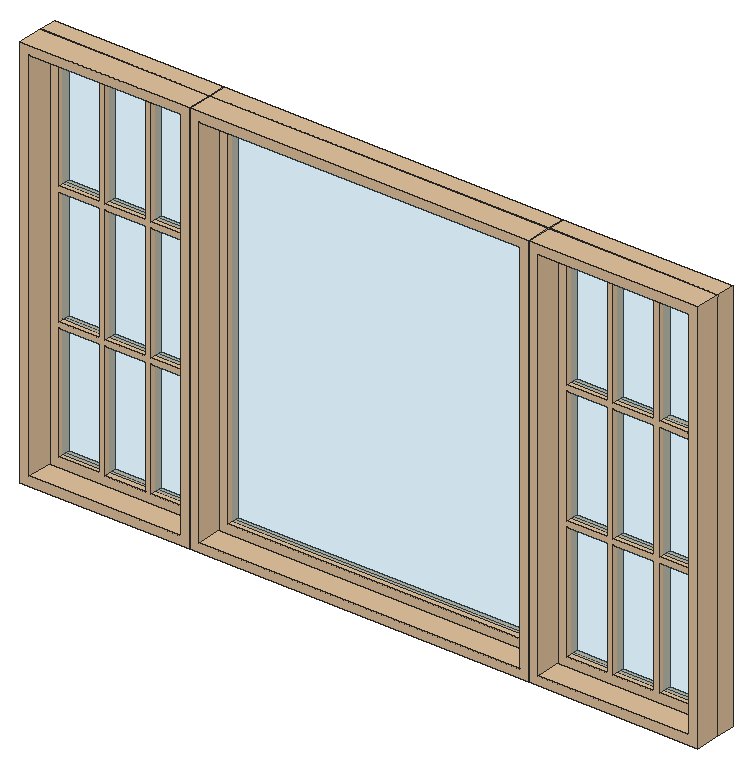
Revit family "Existing Living Room Front Window_Complete", category Windows, host Wall, Revit 2016
Family settings
  Host = Wall
  Always vertical = Yes
  Cut with Voids When Loaded = No
  Shared = No
  Room Calculation Point = No
Parameters (values of type "(2) 0600 x 1400mm CS + 1200 x 1400mm FX")
  Window Inset = 0' - 0 181/256"
  Side Window Width = 1' - 11 159/256"
  Side Window Type = Casement 3x3 : Standard
  Side Window Location = Middle Window Width / 2  # 1' - 11 159/256"
  Sash Material = Sash
  Rough Width = 0' - 0"
  Rough Height = 0' - 0"
  Middle Window Width = 3' - 11 31/128"
  Height = 4' - 7 15/128"
  Glass Pane Material = Glass
  Default Sill Height = 3' - 0"
  Wall Closure = By host
  Width = (Side Window Width * 2) + Middle Window Width  # 7' - 10 31/64"
  Analytic Construction = "<None>"
Types (4): name | Window Inset | Side Window Width | Side Window Type | Side Window Location | Middle Window Width | Height | Width
  (2) 2'-0" x 4'-8" DH + 4'-0" x 4'-8" FX | 0' - 0 3/4" | 2' - 0" | Double Hung : Standard | 2' - 0" | 4' - 0" | 4' - 8" | 8' - 0"
  (2) 0600 x 1400mm DH + 1200 x 1400mm FX | 0' - 0 181/256" | 1' - 11 159/256" | Double Hung : Standard | 1' - 11 159/256" | 3' - 11 31/128" | 4' - 7 15/128" | 7' - 10 31/64"
  (2) 2'-0" x 4'-8" CS + 4'-0" x 4'-8" FX | 0' - 0 3/4" | 2' - 0" | Casement 3x3 : Standard | 2' - 0" | 4' - 0" | 4' - 8" | 8' - 0"
  (2) 0600 x 1400mm CS + 1200 x 1400mm FX | 0' - 0 181/256" | 1' - 11 159/256" | Casement 3x3 : Standard | 1' - 11 159/256" | 3' - 11 31/128" | 4' - 7 15/128" | 7' - 10 31/64"
Reference planes (in)
  plane 1 "Center (Front/Back)": y = 0
  plane 2: z = 0
  plane 3 "Center (Left/Right)": x = 0
  plane 4 "Left": x = -47.24219
  plane 5 "Right": x = 47.24219
  plane 6 "Sill": z = 36
  plane 7 "Top": z = 91.11719
Text (in)
  text "EXTERIOR" at (-58.6888, 50.90694, 0), in view "Ref. Level"
  text "INTERIOR" at (-58.6888, -37.76638, 0), in view "Ref. Level"
  text "Exterior" at (0, 43.65631, 123.19604), in view "Left"
  text "Exterior" at (0, 18.29385, 125.04747), in view "Right"
Dimensions and locks (in)
  plane 3 "Center (Left/Right)" to nested 2 = 3' - 11 31/128"
  "Height": plane 6 "Sill" to plane 7 "Top"
  "Default Sill Height": plane 2 to plane 6 "Sill"
  equal spacing: plane 4 "Left", plane 3 "Center (Left/Right)", plane 5 "Right"
  "Width": plane 4 "Left" to plane 5 "Right"
  equal spacing: plane 4 "Left", nested 1, plane 5 "Right"
  "Side Window Location": plane 3 "Center (Left/Right)" to nested 2
  "Side Window Location": nested 3 to plane 3 "Center (Left/Right)"
Nested families (in)
  nested 1: "Fixed" at (1.5, 0, 0), type "Standard"
    with Height 4' - 7 15/128", Width 3' - 11 31/128", Window Inset 0' - 0 181/256"
  nested 2: "Casement 3x3" at (35.43164, 0, 0), type <- "Side Window Type", type "Standard"
    with Height 4' - 7 15/128", Width 1' - 11 159/256", Window Inset 0' - 0 181/256"
  nested 3: "Casement 3x3" at (-35.43164, 0, 0) x (-1, 0, 0) z (0, 0, 1), type <- "Side Window Type", type "Standard"
    with Height 4' - 7 15/128", Width 1' - 11 159/256", Window Inset 0' - 0 181/256"
Definition of nested family "Fixed"
  Parameters
    Assembly Code = "B2020100"
    Glass Pane Material = none
    Height = 4' - 0"
    Sash Material = none
    Default Sill Height = 3' - 0"
    Wall Closure = (empty or 0)
    Width = 2' - 0"
    Window Inset = 0' - 0 3/4"
  Reference planes (in)
    plane 1: y = 0
    plane 2: z = 0
    plane 3 "Center": x = -1.5
    plane 4 "Left": x = -13.5
    plane 5 "Right": x = 10.5
    plane 6 "Sill": z = 36
    plane 7 "Top": z = 84
    plane 8: y = 4
    plane 9: y = -4
    plane 10: y = 3.25
    plane 11: x = -12.75
    plane 12: x = -12.25
    plane 13: x = 9.75
    plane 14: x = 9.25
    plane 15: z = 83.25
    plane 16: z = 82.75
    plane 17: z = 37.25
    plane 18 "Closure": y = 2.125
  Forms (in)
    Extrusion 1, solid, material <- "Sash Material"
      sketch origin (0, 0, 0) x (1, 0, 0) y (0, 0, 1)
        loop
          line (-13.5, 84) -> (-13.5, 36) -> (10.5, 36) -> (10.5, 84) -> (-13.5, 84)
        loop
          line (-12.75, 83.25) -> (-12.75, 36.75) -> (9.75, 36.75) -> (9.75, 83.25) -> (-12.75, 83.25)
      from -4 to -1.5
    Extrusion 2, solid, material <- "Sash Material"
      sketch origin (0, 0, 0) x (-1, 0, 0) y (0, 0, 1)
        loop
          line (-10.5, 84) -> (-10.5, 36) -> (13.5, 36) -> (13.5, 84) -> (-10.5, 84)
        loop
          line (-9.25, 82.75) -> (-9.25, 37.25) -> (12.25, 37.25) -> (12.25, 82.75) -> (-9.25, 82.75)
      from 1.5 to -4
    Extrusion 3, solid, material <- "Sash Material"
      sketch origin (0, 0, 0) x (-1, 0, 0) y (0, 0, 1)
        loop
          line (-9.75, 83.25) -> (-9.75, 36.75) -> (12.75, 36.75) -> (12.75, 83.25) -> (-9.75, 83.25)
        loop
          line (-8, 81.5) -> (-8, 38.5) -> (11, 38.5) -> (11, 81.5) -> (-8, 81.5)
      from 1.5 to 3.25
    Extrusion 4, solid, material <- "Glass Pane Material"
      sketch origin (-4.9201, 0, -4.60771) x (1, 0, 0) y (0, 0, 1)
        loop
          line (-6.0799, 86.10771) -> (-6.0799, 43.10771) -> (12.9201, 43.10771) -> (12.9201, 86.10771) -> (-6.0799, 86.10771)
      from -2.625 to -2.125
  Lines and regions (in)
    Opening 1
      outline origin (-60, -4, 0) x (1, 0, 0) y (0, 0, 1)
        loop
          line (46.5, 84) -> (46.5, 36) -> (70.5, 36) -> (70.5, 84) -> (46.5, 84)
    symbolic lines
      curve 1: line (-13.5, 4, 0) -> (-12.75, 4, 0)
      curve 2: line (-12.75, 1.5, 0) -> (-12.75, 4, 0)
      curve 3: line (-12.75, 1.5, 0) -> (-12.25, 1.5, 0)
      curve 4: line (-12.25, -4, 0) -> (-12.25, 1.5, 0)
      curve 5: line (10.5, 4, 0) -> (9.75, 4, 0)
      curve 6: line (9.25, 1.5, 0) -> (9.25, -4, 0)
      curve 7: line (9.25, 1.5, 0) -> (9.75, 1.5, 0)
      curve 8: line (9.75, 1.5, 0) -> (9.75, 4, 0)
      curve 9: line (-12.75, 3.25, 0) -> (-11, 3.25, 0)
      curve 10: line (-12.75, 3.25, 0) -> (-12.75, 1.5, 0)
      curve 11: line (-12.75, 1.5, 0) -> (-11, 1.5, 0)
      curve 12: line (-11, 3.25, 0) -> (-11, 1.5, 0)
      curve 13: line (9.75, 3.25, 0) -> (8, 3.25, 0)
      curve 14: line (9.75, 3.25, 0) -> (9.75, 1.5, 0)
      curve 15: line (9.75, 1.5, 0) -> (8, 1.5, 0)
      curve 16: line (8, 3.25, 0) -> (8, 1.5, 0)
      curve 17: line (-11, 2.375, 0) -> (8, 2.375, 0)
      curve 18: line (-12.25, -4, 0) -> (-13.5, -4, 0)
      curve 19: line (9.25, -4, 0) -> (10.5, -4, 0)
  Text (in)
    text "EXTERIOR" at (-56.58296, 53.32073, 0), in view "Floor Line"
    text "INTERIOR" at (-58.6888, -42.14638, 0), in view "Floor Line"
    text "Exterior" at (0, 43.65631, 134.44969), in view "Left"
    text "Exterior" at (0, 18.29385, 125.04747), in view "Right"
  Dimensions and locks (in)
    equal spacing: plane 4 "Left", plane 3 "Center", plane 5 "Right"
    "Width": plane 4 "Left" to plane 5 "Right"
    plane 2 to plane 6 "Sill" to plane 16 to plane 7 "Top" = 3' - 0", 3' - 10 3/4", 0' - 1 1/4"
    "Window Inset": plane 8 to plane 10
    locked: plane 10 to Extrusion 3 at 1.75
    locked: plane 10 to Extrusion 4 at 0.625
    locked: Extrusion 4 to Extrusion 4 at 0.5
    locked: plane 4 "Left" to plane 11 at 0.75
    locked: plane 13 to plane 5 "Right" at 0.75
    locked: plane 14 to plane 5 "Right" at 1.25
    locked: plane 4 "Left" to plane 12 at 1.25
    locked: plane 15 to plane 7 "Top" at 0.75
    locked: plane 7 "Top" to plane 16 at 1.25
    locked: plane 17 to plane 6 "Sill" at 1.25
    "Height": plane 7 "Top" to plane 6 "Sill"
    "Default Sill Height": plane 6 "Sill" to plane 2
    locked: plane 10 to plane 18 "Closure" at 1.125
    aligned and locked: plane 7 "Top" to Opening 1 sketch curve
    aligned and locked: plane 6 "Sill" to Opening 1 sketch curve  (x2)
    aligned and locked: plane 5 "Right" to Opening 1 sketch curve
    aligned and locked: plane 4 "Left" to Opening 1 sketch curve
    aligned and locked: plane 9 to host wall
    aligned and locked: host wall to Extrusion 2
    aligned and locked: plane 10 to Extrusion 3
    aligned and locked: plane 8 to host wall
    aligned and locked: host wall to Extrusion 1
    aligned and locked: Extrusion 2 to Extrusion 1
    aligned and locked: Extrusion 1 to Extrusion 3
    aligned and locked: Extrusion 4 sketch curve to Extrusion 3  (x4)
    aligned and locked: curve 5 to Extrusion 1  (x2)
    aligned and locked: curve 6 to Extrusion 2
    aligned and locked: curve 4 to Extrusion 2
    aligned and locked: curve 16 to Extrusion 3
    aligned and locked: Extrusion 1 to curve 11
    aligned and locked: Extrusion 1 to curve 7
  Automatic sketch dimensions
    Extrusion 1 sketch curve to plane 4 "Left" = 0' - 0"
    Extrusion 1 sketch curve to plane 5 "Right" = 0' - 0"
    Extrusion 1 sketch curve to plane 4 "Left" = 0' - 0 3/4"
    plane 5 "Right" to Extrusion 1 sketch curve = 0' - 0 3/4"
    Extrusion 1 sketch curve to plane 6 "Sill" = 0' - 0"
    Extrusion 1 sketch curve to plane 7 "Top" = 0' - 0"
    Extrusion 1 sketch curve to plane 6 "Sill" = 0' - 0 3/4"
    plane 7 "Top" to Extrusion 1 sketch curve = 0' - 0 3/4"
    Extrusion 2 sketch curve to plane 5 "Right" = 0' - 0"
    Extrusion 2 sketch curve to plane 4 "Left" = 0' - 0"
    plane 5 "Right" to Extrusion 2 sketch curve = 0' - 1 1/4"
    Extrusion 2 sketch curve to plane 4 "Left" = 0' - 1 1/4"
    Extrusion 2 sketch curve to plane 6 "Sill" = 0' - 0"
    Extrusion 2 sketch curve to plane 7 "Top" = 0' - 0"
    Extrusion 2 sketch curve to plane 6 "Sill" = 0' - 1 1/4"
    plane 7 "Top" to Extrusion 2 sketch curve = 0' - 1 1/4"
    plane 5 "Right" to Extrusion 3 sketch curve = 0' - 0 3/4"
    plane 5 "Right" to Extrusion 3 sketch curve = 0' - 2 1/2"
    Extrusion 3 sketch curve to plane 4 "Left" = 0' - 2 1/2"
    Extrusion 3 sketch curve to plane 4 "Left" = 0' - 0 3/4"
    Extrusion 3 sketch curve to plane 6 "Sill" = 0' - 0 3/4"
    Extrusion 3 sketch curve to plane 6 "Sill" = 0' - 2 1/2"
    plane 7 "Top" to Extrusion 3 sketch curve = 0' - 2 1/2"
    plane 7 "Top" to Extrusion 3 sketch curve = 0' - 0 3/4"
    curve 18 to plane 4 "Left" = 0' - 0"
    curve 1 to plane 4 "Left" = 0' - 0"
    curve 2 to plane 8 = 0' - 0"
    curve 10 to plane 10 = 0' - 0"
    curve 13 to plane 10 = 0' - 0"
    curve 19 to plane 5 "Right" = 0' - 0"
    curve 1 to curve 2 = 0' - 0 3/4"
    curve 9 to curve 12 = 0' - 1 3/4"
    plane 5 "Right" to curve 13 = 0' - 0 3/4"
    curve 19 to plane 9 = 0' - 0"
    curve 4 to plane 9 = 0' - 0"
    curve 11 to curve 17 = 0' - 0 7/8"
Definition of nested family "Casement 3x3"
  Parameters (values of type "Standard")
    Visual Light Transmittance = 0.9
    Solar Heat Gain Coefficient = 0.78
    Construction Type Id = "GSP4R"
    Heat Transfer Coefficient (U) = 3.6886 W/(m²·K)
    Assembly Code = "B2020100"
    Glass Pane Material = none
    Height = 4' - 8"
    Sash Material = none
    Default Sill Height = 3' - 0"
    Trim Exterior Material = none
    Trim Interior Material = none
    Wall Closure = (empty or 0)
    Width = 2' - 0"
    Window Inset = 0' - 0 3/4"
    Analytic Construction = "1/8 in Pilkington single glazing"
  Reference planes (in)
    plane 1: y = 0
    plane 2: z = 0
    plane 3 "Center": x = 0
    plane 4 "Left": x = -12
    plane 5 "Right": x = 12
    plane 6 "Sill": z = 36
    plane 7 "Top": z = 92
    plane 8: y = 3
    plane 9: y = -3
    plane 10: y = 2.25
    plane 11 "Top": z = 64
    plane 12: x = -9.5
    plane 13: x = 9.5
    plane 14: x = -3.29167
    plane 15: x = 3.29167
    plane 16: z = 89.5
    plane 17: z = 38.5
    plane 18: z = 72.625
    plane 19: z = 55.375
    plane 20: x = -10.75
    plane 21: x = -11.25
    plane 22: x = 10.75
    plane 23: x = 11.25
    plane 24: z = 94.75
    plane 25: z = 90.75
    plane 26: z = 91.25
    plane 27: z = 94.25
    plane 28: z = 37.25
    plane 29: z = 33.75
    plane 30: x = 9.875
    plane 31: x = -9.875
    plane 32: z = 89.875
    plane 33: z = 38.125
    plane 34 "Closure": y = 1.125
  Forms (in)
    Extrusion 1, solid, material <- "Sash Material"
      sketch origin (0, 0, 0) x (1, 0, 0) y (0, 0, 1)
        loop
          line (-12, 92) -> (-12, 36) -> (12, 36) -> (12, 92) -> (-12, 92)
        loop
          line (-11.25, 91.25) -> (-11.25, 36.75) -> (11.25, 36.75) -> (11.25, 91.25) -> (-11.25, 91.25)
      from -3 to -0.5
    Extrusion 2, solid, material <- "Sash Material"
      sketch origin (0, 0, 0) x (-1, 0, 0) y (0, 0, 1)
        loop
          line (-12, 92) -> (-12, 36) -> (12, 36) -> (12, 92) -> (-12, 92)
        loop
          line (-10.75, 90.75) -> (-10.75, 37.25) -> (10.75, 37.25) -> (10.75, 90.75) -> (-10.75, 90.75)
      from 0.5 to -3
    Extrusion 3, solid, material <- "Sash Material"
      sketch origin (0, 0, 0) x (-1, 0, 0) y (0, 0, 1)
        loop
          line (-11.25, 91.25) -> (-11.25, 36.75) -> (11.25, 36.75) -> (11.25, 91.25) -> (-11.25, 91.25)
        loop
          line (9.5, 89.5) -> (3.66667, 89.5) -> (3.66667, 73) -> (9.5, 73) -> (9.5, 89.5)
        loop
          line (9.5, 72.25) -> (3.66667, 72.25) -> (3.66667, 55.75) -> (9.5, 55.75) -> (9.5, 72.25)
        loop
          line (9.5, 55) -> (3.66667, 55) -> (3.66667, 38.5) -> (9.5, 38.5) -> (9.5, 55)
        loop
          line (2.91667, 89.5) -> (-2.91667, 89.5) -> (-2.91667, 73) -> (2.91667, 73) -> (2.91667, 89.5)
        loop
          line (2.91667, 72.25) -> (-2.91667, 72.25) -> (-2.91667, 55.75) -> (2.91667, 55.75) -> (2.91667, 72.25)
        loop
          line (2.91667, 55) -> (-2.91667, 55) -> (-2.91667, 38.5) -> (2.91667, 38.5) -> (2.91667, 55)
        loop
          line (-3.66667, 89.5) -> (-9.5, 89.5) -> (-9.5, 73) -> (-3.66667, 73) -> (-3.66667, 89.5)
        loop
          line (-3.66667, 72.25) -> (-9.5, 72.25) -> (-9.5, 55.75) -> (-3.66667, 55.75) -> (-3.66667, 72.25)
        loop
          line (-3.66667, 55) -> (-9.5, 55) -> (-9.5, 38.5) -> (-3.66667, 38.5) -> (-3.66667, 55)
      from 0.5 to 2.25
    Extrusion 4, solid, material <- "Glass Pane Material"
      sketch origin (0, 0, 0) x (-1, 0, 0) y (0, 0, 1)
        loop
          line (-9.5, 89.5) -> (-9.5, 73) -> (-3.66667, 73) -> (-3.66667, 89.5) -> (-9.5, 89.5)
        loop
          line (-2.91667, 89.5) -> (-2.91667, 73) -> (2.91667, 73) -> (2.91667, 89.5) -> (-2.91667, 89.5)
        loop
          line (3.66667, 89.5) -> (3.66667, 73) -> (9.5, 73) -> (9.5, 89.5) -> (3.66667, 89.5)
        loop
          line (3.66667, 72.25) -> (3.66667, 55.75) -> (9.5, 55.75) -> (9.5, 72.25) -> (3.66667, 72.25)
        loop
          line (-2.91667, 72.25) -> (-2.91667, 55.75) -> (2.91667, 55.75) -> (2.91667, 72.25) -> (-2.91667, 72.25)
        loop
          line (-9.5, 72.25) -> (-9.5, 55.75) -> (-3.66667, 55.75) -> (-3.66667, 72.25) -> (-9.5, 72.25)
        loop
          line (-9.5, 55) -> (-9.5, 38.5) -> (-3.66667, 38.5) -> (-3.66667, 55) -> (-9.5, 55)
        loop
          line (-2.91667, 55) -> (-2.91667, 38.5) -> (2.91667, 38.5) -> (2.91667, 55) -> (-2.91667, 55)
        loop
          line (3.66667, 55) -> (3.66667, 38.5) -> (9.5, 38.5) -> (9.5, 55) -> (3.66667, 55)
      from 1.125 to 1.625
  Lines and regions (in)
    Opening 1
      outline origin (-60, -3, 0) x (1, 0, 0) y (0, 0, 1)
        loop
          line (48, 92) -> (48, 36) -> (72, 36) -> (72, 92) -> (48, 92)
    symbolic lines
      curve 1: line (-12, 3, 0) -> (-11.25, 3, 0)
      curve 2: line (-11.25, 0.5, 0) -> (-11.25, 3, 0)
      curve 3: line (-11.25, 0.5, 0) -> (-10.75, 0.5, 0)
      curve 4: line (-10.75, -3, 0) -> (-10.75, 0.5, 0)
      curve 5: line (12, 3, 0) -> (11.25, 3, 0)
      curve 6: line (10.75, 0.5, 0) -> (10.75, -3, 0)
      curve 7: line (10.75, 0.5, 0) -> (11.25, 0.5, 0)
      curve 8: line (11.25, 0.5, 0) -> (11.25, 3, 0)
      curve 9: line (-11.25, 2.25, 0) -> (-9.5, 2.25, 0)
      curve 10: line (-11.25, 2.25, 0) -> (-11.25, 0.5, 0)
      curve 11: line (-11.25, 0.5, 0) -> (-9.5, 0.5, 0)
      curve 12: line (-9.5, 2.25, 0) -> (-9.5, 0.5, 0)
      curve 13: line (11.25, 2.25, 0) -> (9.5, 2.25, 0)
      curve 14: line (11.25, 2.25, 0) -> (11.25, 0.5, 0)
      curve 15: line (11.25, 0.5, 0) -> (9.5, 0.5, 0)
      curve 16: line (9.5, 2.25, 0) -> (9.5, 0.5, 0)
      curve 17: line (-9.5, 1.375, 0) -> (9.5, 1.375, 0)
      curve 18: line (9.5, 2.25, 64) -> (-9.5, 2.25, 89.5)
      curve 19: line (9.5, 2.25, 64) -> (-9.5, 2.25, 38.5)
      curve 20: line (-9.5, 0.5, 38.5) -> (9.5, 0.5, 64)
      curve 21: line (9.5, 0.5, 64) -> (-9.5, 0.5, 89.5)
      curve 22: line (-10.75, -3, 0) -> (-12, -3, 0)
      curve 23: line (10.75, -3, 0) -> (12, -3, 0)
  Text (in)
    text "EXTERIOR" at (-56.58296, 30.41546, 0), in view "Floor Line"
    text "INTERIOR" at (-58.6888, -24.24049, 0), in view "Floor Line"
    text "Exterior" at (0, 43.65631, 134.44969), in view "Left"
    text "Exterior" at (0, 18.29385, 125.04747), in view "Right"
  Dimensions and locks (in)
    equal spacing: plane 4 "Left", plane 3 "Center", plane 5 "Right"
    "Width": plane 4 "Left" to plane 5 "Right"
    plane 2 to plane 29 to plane 6 "Sill" to plane 26 to plane 7 "Top" = 2' - 9 3/4", 0' - 2 1/4", 4' - 7 1/4", 0' - 0 3/4"
    "Window Inset": plane 8 to plane 10
    locked: plane 10 to Extrusion 3 at 1.75
    equal spacing: plane 6 "Sill", plane 11 "Top", plane 7 "Top"
    locked: plane 4 "Left" to plane 12 at 2.5
    locked: plane 13 to plane 5 "Right" at 2.5
    locked: plane 6 "Sill" to plane 17 at 2.5
    locked: plane 16 to plane 7 "Top" at 2.5
    locked: Extrusion 3 to Extrusion 4 at 0.625
    locked: Extrusion 4 to Extrusion 4 at 0.5
    locked: plane 4 "Left" to plane 21 at 0.75
    locked: plane 23 to plane 5 "Right" at 0.75
    locked: plane 4 "Left" to plane 20 at 1.25
    locked: plane 22 to plane 5 "Right" at 1.25
    locked: plane 26 to plane 7 "Top" at 0.75
    locked: plane 26 to plane 24 at 3.5
    locked: plane 7 "Top" to plane 25 at 1.25
    locked: plane 27 to plane 25 at 3.5
    locked: plane 28 to plane 29 at 3.5
    locked: plane 28 to plane 6 "Sill" at 1.25
    locked: plane 13 to plane 30 at 0.375
    locked: plane 31 to plane 12 at 0.375
    equal spacing: plane 31, plane 14, plane 15, plane 30
    locked: plane 16 to plane 32 at 0.375
    locked: plane 33 to plane 17 at 0.375
    equal spacing: plane 33, plane 19, plane 18, plane 32
    "Height": plane 7 "Top" to plane 6 "Sill"
    "Default Sill Height": plane 6 "Sill" to plane 2
    locked: plane 34 "Closure" to plane 10 at 1.125
    aligned and locked: plane 7 "Top" to Opening 1 sketch curve
    aligned and locked: plane 6 "Sill" to Opening 1 sketch curve  (x2)
    aligned and locked: plane 5 "Right" to Opening 1 sketch curve
    aligned and locked: plane 4 "Left" to Opening 1 sketch curve
    aligned and locked: plane 9 to host wall
    aligned and locked: host wall to Extrusion 2
    aligned and locked: plane 10 to Extrusion 3
    aligned and locked: plane 8 to host wall
    aligned and locked: host wall to Extrusion 1
    aligned and locked: Extrusion 2 to Extrusion 1
    aligned and locked: Extrusion 1 to Extrusion 3
    aligned and locked: curve 5 to Extrusion 1  (x2)
    aligned and locked: curve 6 to Extrusion 2
    aligned and locked: curve 4 to Extrusion 2
    aligned and locked: Extrusion 1 to curve 11
    aligned and locked: Extrusion 1 to curve 7
    aligned and locked: curve 16 to Extrusion 3
    aligned and locked: Extrusion 4 sketch curve to Extrusion 3  (x24)
  Automatic sketch dimensions
    Extrusion 1 sketch curve to plane 4 "Left" = 0' - 0"
    Extrusion 1 sketch curve to plane 5 "Right" = 0' - 0"
    Extrusion 1 sketch curve to plane 4 "Left" = 0' - 0 3/4"
    plane 5 "Right" to Extrusion 1 sketch curve = 0' - 0 3/4"
    Extrusion 1 sketch curve to plane 6 "Sill" = 0' - 0"
    Extrusion 1 sketch curve to plane 7 "Top" = 0' - 0"
    Extrusion 1 sketch curve to plane 6 "Sill" = 0' - 0 3/4"
    plane 7 "Top" to Extrusion 1 sketch curve = 0' - 0 3/4"
    Extrusion 2 sketch curve to plane 5 "Right" = 0' - 0"
    Extrusion 2 sketch curve to plane 4 "Left" = 0' - 0"
    plane 5 "Right" to Extrusion 2 sketch curve = 0' - 1 1/4"
    Extrusion 2 sketch curve to plane 4 "Left" = 0' - 1 1/4"
    Extrusion 2 sketch curve to plane 6 "Sill" = 0' - 0"
    Extrusion 2 sketch curve to plane 7 "Top" = 0' - 0"
    Extrusion 2 sketch curve to plane 6 "Sill" = 0' - 1 1/4"
    plane 7 "Top" to Extrusion 2 sketch curve = 0' - 1 1/4"
    Extrusion 3 sketch curve to plane 13 = 0' - 0"  (x3)
    Extrusion 3 sketch curve to plane 17 = 0' - 0"  (x3)
    Extrusion 3 sketch curve to plane 16 = 0' - 0"  (x3)
    Extrusion 3 sketch curve to plane 12 = 0' - 0"  (x3)
    plane 5 "Right" to Extrusion 3 sketch curve = 0' - 0 3/4"
    Extrusion 3 sketch curve to plane 15 = 0' - 0 3/8"  (x3)
    plane 15 to Extrusion 3 sketch curve = 0' - 0 3/8"  (x3)
    Extrusion 3 sketch curve to plane 14 = 0' - 0 3/8"  (x3)
    plane 14 to Extrusion 3 sketch curve = 0' - 0 3/8"  (x3)
    Extrusion 3 sketch curve to plane 4 "Left" = 0' - 0 3/4"
    Extrusion 3 sketch curve to plane 6 "Sill" = 0' - 0 3/4"
    plane 19 to Extrusion 3 sketch curve = 0' - 0 3/8"  (x3)
    Extrusion 3 sketch curve to plane 19 = 0' - 0 3/8"  (x3)
    plane 18 to Extrusion 3 sketch curve = 0' - 0 3/8"  (x3)
    Extrusion 3 sketch curve to plane 18 = 0' - 0 3/8"  (x3)
    plane 7 "Top" to Extrusion 3 sketch curve = 0' - 0 3/4"
    curve 19 to plane 11 "Top" = 0' - 0"
    curve 21 to plane 11 "Top" = 0' - 0"
    plane 7 "Top" to curve 21 = 0' - 2 1/2"
    curve 18 to curve 21 = 0' - 0"
    curve 20 to plane 6 "Sill" = 0' - 2 1/2"
    curve 19 to curve 20 = 0' - 0"  (x2)
    curve 18 to plane 4 "Left" = 0' - 2 1/2"
    curve 20 to plane 4 "Left" = 0' - 2 1/2"
    curve 21 to curve 18 = 0' - 0"
    plane 5 "Right" to curve 20 = 0' - 2 1/2"
    curve 19 to curve 21 = 0' - 0"
    plane 5 "Right" to Extrusion 4 sketch curve = 0' - 2 1/2"  (x2)
    Extrusion 4 sketch curve to Extrusion 4 sketch curve = 0' - 0"  (x5)
    Extrusion 4 sketch curve to plane 4 "Left" = 0' - 2 1/2"
    Extrusion 4 sketch curve to plane 6 "Sill" = 0' - 2 1/2"  (x2)
    plane 7 "Top" to Extrusion 4 sketch curve = 0' - 2 1/2"  (x2)
    curve 22 to plane 4 "Left" = 0' - 0"
    curve 1 to plane 4 "Left" = 0' - 0"
    curve 2 to plane 8 = 0' - 0"
    curve 10 to plane 10 = 0' - 0"
    curve 13 to plane 10 = 0' - 0"
    curve 23 to plane 5 "Right" = 0' - 0"
    curve 2 to plane 4 "Left" = 0' - 0 3/4"
    curve 9 to curve 12 = 0' - 1 3/4"
    plane 5 "Right" to curve 13 = 0' - 0 3/4"
    curve 23 to plane 9 = 0' - 0"
    curve 4 to plane 9 = 0' - 0"
    curve 11 to curve 17 = 0' - 0 7/8"
